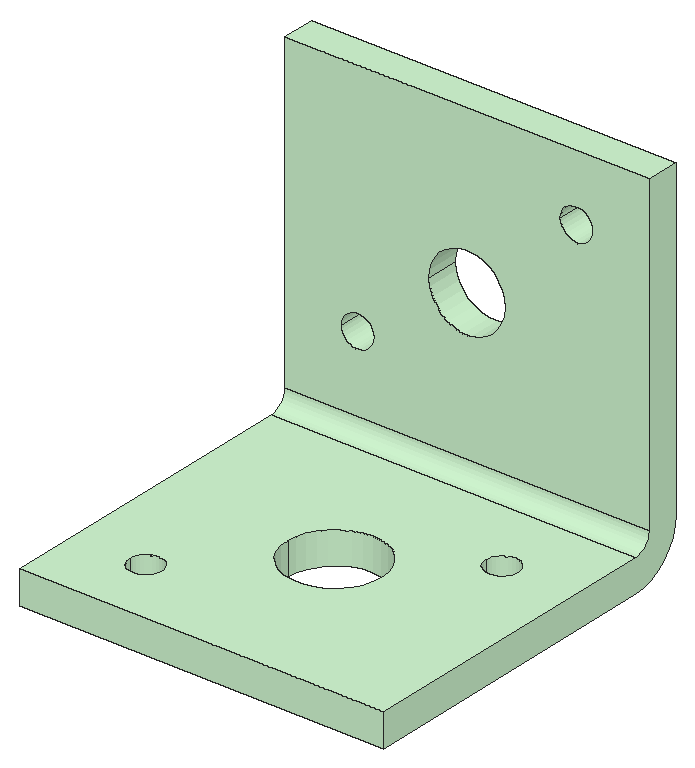
Revit family "L-t4.5×50×50L", category 機械設備, Revit 2020
Family settings
  丸型コネクタ寸法 = 直径を使用
  種別 = なし
  パーツ タイプ = 標準
  作業面ベース = いいえ
  常に垂直 = はい
  ロード時にボイドで切り取り = いいえ
  共有 = いいえ
  部屋計算ポイント = いいえ
Parameters
  製造元 = "株式会社桐井製作所"
  既定の高さ = 0 mm
  URL = "https://www.kirii.co.jp/"
  K_品名 = "L-t4.5×50×50L"
  K_名称 = "その他金物"
  K_入数 = "100"
  K_バージョン情報 = "20210524"
Reference planes
  plane 1 "中心(正面/背面)": y = 0
  plane 2: z = 0
  plane 3 "中心(左/右)": x = 0
Forms (mm)
  Extrusion 1, solid
    sketch origin (0, 0, 0) x (0, 1, 0) y (0, 0, 1)
      loop
        line (-4.5, 50) -> (-4.5, 6.8)
        arc (-4.5, 6.8) -> (-5.174, 5.174) -> (-6.8, 4.5) r 2.3
        line (-6.8, 4.5) -> (-50, 4.5) -> (-50, 0) -> (-6.8, 0)
        arc (-6.8, 0) -> (-1.992, 1.992) -> (0, 6.8) r 6.8
        line (0, 6.8) -> (0, 50) -> (-4.5, 50)
    from -25 to 25
  Extrusion 2, void
    sketch origin (0, 0, 0) x (1, 0, 0) y (0, 1, 0)
      loop
        circle (0, -27.25) r 6.5
      loop
        circle (15, -17.25) r 2.25
      loop
        circle (-15, -40.9) r 2.25
    from 0 to 4.5
  Extrusion 3, void
    sketch origin (-25, 0, 0) x (1, 0, 0) y (0, 0, 1)
      loop
        circle (25, 27.25) r 5.25
      loop
        circle (40, 40.9) r 2.25
      loop
        circle (10, 17.25) r 2.25
    from 0 to 4.5
Cuts and joins
  Extrusion 2, Extrusion 3 cuts Extrusion 1
Dimensions and locks
  aligned and locked: level to plane 2
